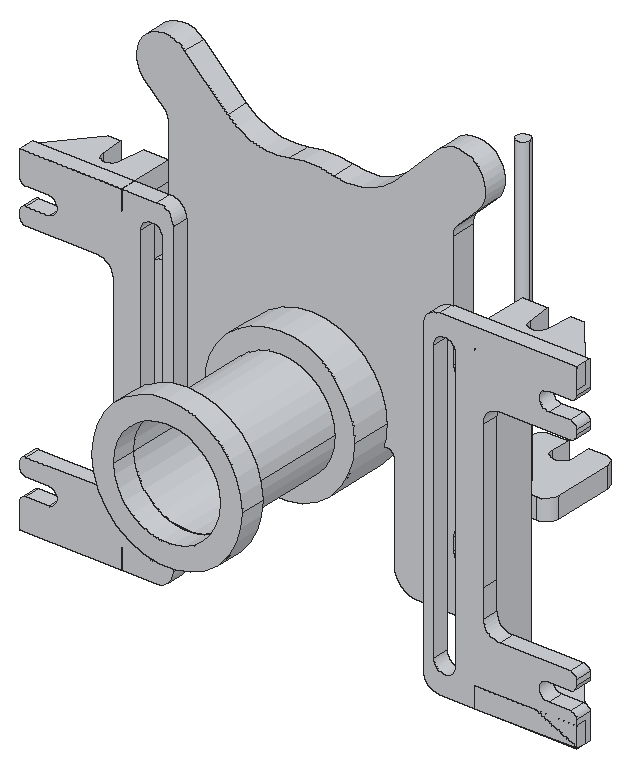
Revit family "Zurn Carrier - Z1201-NL3", category Plumbing Fixtures, host Face, Revit 2017
Family settings
  Host = Face
  Round Connector Dimension = Use Diameter
  Part Type = Normal
  Cut with Voids When Loaded = No
  Shared = No
  Room Calculation Point = No
Parameters
  Default Elevation = 4' - 0"
  A [instance] = 0' - 4"
Reference planes (in)
  plane 1 "Center (Front/Back)": y = 0
  plane 2: z = 0
  plane 3 "Center (Left/Right)": x = 0
  plane 4: through (-2.47322, -180, 4.24948) normal (0.0159, 0, 0.9999)
  plane 5: through (-2.47993, -180, 0.24908) normal (0.0159, 0, 0.9999)
Dimensions and locks (in)
  "A": plane 4 to plane 5
  "A": import instance to plane 5
  aligned and locked: plane 2 to host face
  aligned and locked: level to host face
Automatic sketch dimensions
  host sketch curve to host sketch curve = 8' - 0"  (x2)
Nested families (in)
  nested 1: "Inlet" at (0, 0, 0), type "Inlet"
  nested 2: "Legs" at (0, 0, 0), type "Legs"
Connectors (in)
  piping at (-2.47322, 4.875, 4.24948), diameter 3
    settings: on import instance, index 1, connector inside diameter 24", connector length 0' - 0", flow factor 0, pipe flow 0 GPM, pressure drop 0.00 psi, fitting loss kfactor 0, connector angle 0.00°, fixture units 0, engagement length 0' - 0", angle of deflection 0.00°, flow configuration 0, flow direction 1, fitting loss method 0, system type 16, joint type 0, gender type 0, connector reference index -1, connector utility 0, adjustable connector no, is connector primary yes, connector description ""
  piping at (8.99259, 4.875, 4.06749), diameter 3
    settings: on import instance, index 2, connector inside diameter 24", connector length 0' - 0", flow factor 0, pipe flow 0 GPM, pressure drop 0.00 psi, fitting loss kfactor 0, connector angle 0.00°, fixture units 0, engagement length 0' - 0", angle of deflection 0.00°, flow configuration 0, flow direction 2, fitting loss method 0, system type 16, joint type 0, gender type 0, connector reference index -1, connector utility 0, adjustable connector no, is connector primary no, connector description ""
  piping at (2.38171, 4.875, 8.67242), diameter 2
    settings: on import instance, index 3, connector inside diameter 24", connector length 0' - 0", flow factor 0, pipe flow 0 GPM, pressure drop 0.00 psi, fitting loss kfactor 0, connector angle 0.00°, fixture units 0, engagement length 0' - 0", angle of deflection 0.00°, flow configuration 0, flow direction 2, fitting loss method 0, system type 17, joint type 0, gender type 0, connector reference index -1, connector utility 0, adjustable connector no, is connector primary no, connector description ""
Definition of nested family "Inlet"
  Parameters (values of type "Inlet")
    Default Elevation = 4' - 0"
  Reference planes (in)
    plane 1 "Center (Front/Back)": y = 0
    plane 2: z = 0
    plane 3 "Center (Left/Right)": x = 0
  Forms (in)
    Extrusion 1, solid
      sketch origin (0, 0, 0) x (1, 0, 0) y (0, 1, 0)
        loop
          line (-48, 48) -> (-48, -48) -> (48, -48) -> (48, 48) -> (-48, 48)
      from 0 to -12
    Extrusion 2, solid
      sketch origin (0, 0, 0) x (1, 0, 0) y (0, 0, 1)
        loop
          line (-2.58153, 13.31897) -> (-3.88128, 14.61872)
          arc (-3.88128, 14.61872) -> (-5.11872, 14.61872) -> (-5.11872, 13.38128) r 0.875
          line (-5.11872, 13.38128) -> (-4.52145, 12.78401)
          arc (-4.52145, 12.78401) -> (-4.41306, 12.6218) -> (-4.375, 12.43046) r 0.5
          line (-4.375, 12.43046) -> (-4.375, 8.86603)
          arc (-4.375, 8.86603) -> (-4.43604, 8.70271) -> (-4.58924, 8.61947) r 0.24899
          arc (-4.58924, 8.61947) -> (-4.98827, 8.39216) -> (-5.12286, 7.95309) r 0.62251
          arc (-5.12286, 7.95309) -> (-5.15122, 7.81669) -> (-5.24877, 7.71723) r 0.24745
          arc (-5.24877, 7.71723) -> (-5.34115, 7.62562) -> (-5.375, 7.5) r 0.25003
          line (-5.375, 7.5) -> (-5.375, 5.5)
          arc (-5.375, 5.5) -> (-5.34115, 5.37438) -> (-5.24877, 5.28277) r 0.25003
          arc (-5.24877, 5.28277) -> (-5.15122, 5.18331) -> (-5.12286, 5.04691) r 0.24745
          arc (-5.12286, 5.04691) -> (-4.98827, 4.60784) -> (-4.58924, 4.38053) r 0.62251
          arc (-4.58924, 4.38053) -> (-4.43604, 4.29729) -> (-4.375, 4.13397) r 0.24899
          line (-4.375, 4.13397) -> (-4.375, 3.73744)
          arc (-4.375, 3.73744) -> (-4.39403, 3.64177) -> (-4.44822, 3.56066) r 0.25
          line (-4.44822, 3.56066) -> (-4.94194, 3.06694)
          arc (-4.94194, 3.06694) -> (-5.07742, 2.38582) -> (-4.5, 2) r 0.625
          line (-4.5, 2) -> (-3.25, 2)
          arc (-3.25, 2) -> (-2.76386, 2.20136) -> (-2.5625, 2.6875) r 0.6875
          line (-2.5625, 2.6875) -> (-2.5625, 5.63621)
          arc (-2.5625, 5.63621) -> (-2.37789, 5.87679) -> (-2.09772, 5.76074) r 0.24907
          arc (-2.09772, 5.76074) -> (0, 4.27489) -> (2.09772, 5.76074) r 2.2237
          arc (2.09772, 5.76074) -> (2.37789, 5.87679) -> (2.5625, 5.63621) r 0.24907
          line (2.5625, 5.63621) -> (2.5625, 2.6875)
          arc (2.5625, 2.6875) -> (2.76386, 2.20136) -> (3.25, 2) r 0.6875
          line (3.25, 2) -> (4.5, 2)
          arc (4.5, 2) -> (5.07742, 2.38582) -> (4.94194, 3.06694) r 0.625
          line (4.94194, 3.06694) -> (4.44822, 3.56066)
          arc (4.44822, 3.56066) -> (4.39403, 3.64177) -> (4.375, 3.73744) r 0.25
          line (4.375, 3.73744) -> (4.375, 4.13397)
          arc (4.375, 4.13397) -> (4.43604, 4.29729) -> (4.58924, 4.38053) r 0.24899
          arc (4.58924, 4.38053) -> (4.98827, 4.60784) -> (5.12286, 5.04691) r 0.62251
          arc (5.12286, 5.04691) -> (5.15122, 5.18331) -> (5.24877, 5.28277) r 0.24745
          arc (5.24877, 5.28277) -> (5.34115, 5.37438) -> (5.375, 5.5) r 0.25003
          line (5.375, 5.5) -> (5.375, 7.5)
          arc (5.375, 7.5) -> (5.34115, 7.62562) -> (5.24877, 7.71723) r 0.25003
          arc (5.24877, 7.71723) -> (5.15122, 7.81669) -> (5.12286, 7.95309) r 0.24745
          arc (5.12286, 7.95309) -> (4.98827, 8.39216) -> (4.58924, 8.61947) r 0.62251
          arc (4.58924, 8.61947) -> (4.43604, 8.70271) -> (4.375, 8.86603) r 0.24899
          line (4.375, 8.86603) -> (4.375, 12.43046)
          arc (4.375, 12.43046) -> (4.41306, 12.6218) -> (4.52145, 12.78401) r 0.5
          line (4.52145, 12.78401) -> (5.11872, 13.38128)
          arc (5.11872, 13.38128) -> (5.11872, 14.61872) -> (3.88128, 14.61872) r 0.875
          line (3.88128, 14.61872) -> (2.58153, 13.31897)
          arc (2.58153, 13.31897) -> (1.70465, 12.80693) -> (0.68932, 12.79193) r 1.99841
          arc (0.68932, 12.79193) -> (0, 12.87579) -> (-0.68932, 12.79193) r 2.87515
          arc (-0.68932, 12.79193) -> (-1.70465, 12.80693) -> (-2.58153, 13.31897) r 1.99841
      from 0.17185 to 0.8906
    Extrusion 3, solid
      sketch origin (0, 0, 0) x (1, 0, 0) y (0, 0, 1)
        loop
          circle (0, 6.5) r 2.31198
      from 5.66374 to 6.42185
    Extrusion 4, solid
      sketch origin (0, 0, 0) x (1, 0, 0) y (0, 0, 1)
        loop
          circle (0, 6.5) r 2.31198
      from 0.17185 to 2.1093
    Extrusion 5, solid
      sketch origin (0, 0, 0) x (1, 0, 0) y (0, 0, 1)
        loop
          circle (0, 6.49859) r 1.68737
      from 2.1093 to 5.66374
    Extrusion 6, void
      sketch origin (0, 0, 0) x (1, 0, 0) y (0, 0, 1)
        loop
          circle (0, 6.49859) r 1.64022
      from 0.17185 to 6.42185
    Extrusion 7, void
      sketch origin (0, 9.7656, 0) x (1, 0, 0) y (0, 0, -1)
        loop
          circle (0, -6.49859) r 1.64022
      from -16.18745 to -9.95305
  Cuts and joins
    Extrusion 6 cuts Extrusion 2
    Extrusion 6 cuts Extrusion 3
    Extrusion 6 cuts Extrusion 4
    Extrusion 6 cuts Extrusion 5
  Dimensions and locks (in)
    aligned and locked: plane 2 to Extrusion 1
    aligned and locked: level to Extrusion 1
Definition of nested family "Legs"
  Parameters (values of type "Legs")
    Default Elevation = 4' - 0"
  Reference planes (in)
    plane 1 "Center (Front/Back)": y = 0
    plane 2: z = 0
    plane 3 "Center (Left/Right)": x = 0
  Forms (in)
    Extrusion 1, solid
      sketch origin (0, 0, 0) x (1, 0, 0) y (0, 1, 0)
        loop
          line (-48, 48) -> (-48, -48) -> (48, -48) -> (48, 48) -> (-48, 48)
      from 0 to -12
    Extrusion 2, solid
      sketch origin (0, 9.7656, 0) x (1, 0, 0) y (0, 1, 0)
        loop
          line (-8.5625, -10.8437) -> (-8.5625, -11.1562) -> (-5.4375, -11.1562) -> (-5.4375, -10.6562) -> (-5.4375, -9.3437) -> (-6.20315, -9.3437) -> (-6.28271, -10.12229)
          arc (-6.28271, -10.12229) -> (-6.5625, -10.40208) -> (-6.84229, -10.12229) r 0.27979
          line (-6.84229, -10.12229) -> (-6.92185, -9.3437) -> (-7.3125, -9.3437) -> (-8.5625, -10.8437)
      from 0 to 0.625
    Extrusion 3, solid
      sketch origin (0, -1.1406, 0) x (-1, 0, 0) y (0, 0, -1)
        loop
          arc (4.15625, -9.5625) -> (4.5, -9.90625) -> (4.84375, -9.5625) r 0.34375
          line (4.84375, -9.5625) -> (4.84375, -0.9375)
          arc (4.84375, -0.9375) -> (4.5, -0.59375) -> (4.15625, -0.9375) r 0.34375
          line (4.15625, -0.9375) -> (4.15625, -9.5625)
        loop
          arc (3.84375, -10) -> (3.9902, -10.35355) -> (4.34375, -10.5) r 0.5
          line (4.34375, -10.5) -> (8.5625, -10.5) -> (8.5625, -9.71875)
          arc (8.5625, -9.71875) -> (8.50758, -9.58617) -> (8.375, -9.53125) r 0.1875
          line (8.375, -9.53125) -> (7.6875, -9.53125)
          arc (7.6875, -9.53125) -> (7.40625, -9.25) -> (7.6875, -8.96875) r 0.28125
          line (7.6875, -8.96875) -> (8.375, -8.96875)
          arc (8.375, -8.96875) -> (8.50758, -8.91383) -> (8.5625, -8.78125) r 0.1875
          line (8.5625, -8.78125) -> (8.5625, -8.625)
          arc (8.5625, -8.625) -> (8.50758, -8.49242) -> (8.375, -8.4375) r 0.1875
          line (8.375, -8.4375) -> (6.1875, -8.4375)
          arc (6.1875, -8.4375) -> (5.83395, -8.29105) -> (5.6875, -7.9375) r 0.5
          line (5.6875, -7.9375) -> (5.6875, -3.41783) -> (5.6875, -2.5625)
          arc (5.6875, -2.5625) -> (5.83395, -2.20895) -> (6.1875, -2.0625) r 0.5
          line (6.1875, -2.0625) -> (8.375, -2.0625)
          arc (8.375, -2.0625) -> (8.50758, -2.00758) -> (8.5625, -1.875) r 0.1875
          line (8.5625, -1.875) -> (8.5625, -1.71875)
          arc (8.5625, -1.71875) -> (8.50758, -1.58617) -> (8.375, -1.53125) r 0.1875
          line (8.375, -1.53125) -> (7.6875, -1.53125)
          arc (7.6875, -1.53125) -> (7.40625, -1.25) -> (7.6875, -0.96875) r 0.28125
          line (7.6875, -0.96875) -> (8.375, -0.96875)
          arc (8.375, -0.96875) -> (8.50758, -0.91383) -> (8.5625, -0.78125) r 0.1875
          line (8.5625, -0.78125) -> (8.5625, 0) -> (4.34375, 0)
          arc (4.34375, 0) -> (3.9902, -0.14645) -> (3.84375, -0.5) r 0.5
          line (3.84375, -0.5) -> (3.84375, -10)
      from -0.25 to 0.25
    Extrusion 4, solid
      sketch origin (0, 9.7656, 9.875) x (0, -1, 0) y (1, 0, 0)
        loop
          line (10.8437, -8.5625) -> (11.1562, -8.5625) -> (11.1562, -5.4375) -> (10.6562, -5.4375) -> (9.3437, -5.4375) -> (9.3437, -6.20315) -> (10.12229, -6.28271)
          arc (10.12229, -6.28271) -> (10.40208, -6.5625) -> (10.12229, -6.84229) r 0.27979
          line (10.12229, -6.84229) -> (9.3437, -6.92185) -> (9.3437, -7.3125) -> (10.8437, -8.5625)
      from 0 to 0.625
    Extrusion 5, solid
      sketch origin (0, 9.7656, 0) x (1, 0, 0) y (0, 0, -1)
        loop
          line (-5.4375, -9.875) -> (-5.4375, -0.625) -> (-5.6875, -0.625) -> (-5.6875, -9.875) -> (-5.4375, -9.875)
      from -10.6562 to -9.3437
    Extrusion 6, solid
      sketch origin (0, 9.7656, 0) x (-1, 0, 0) y (0, -1, 0)
        loop
          line (-8.5625, 10.8437) -> (-7.3125, 9.3437) -> (-6.92185, 9.3437) -> (-6.84229, 10.12229)
          arc (-6.84229, 10.12229) -> (-6.5625, 10.40208) -> (-6.28271, 10.12229) r 0.27979
          line (-6.28271, 10.12229) -> (-6.20315, 9.3437) -> (-5.4375, 9.3437) -> (-5.4375, 10.6562) -> (-5.4375, 11.1562) -> (-8.5625, 11.1562) -> (-8.5625, 10.8437)
      from 0 to 0.625
    Extrusion 7, solid
      sketch origin (0, -1.1406, 0) x (1, 0, 0) y (0, 0, 1)
        loop
          line (4.15625, 9.5625) -> (4.15625, 0.9375)
          arc (4.15625, 0.9375) -> (4.5, 0.59375) -> (4.84375, 0.9375) r 0.34375
          line (4.84375, 0.9375) -> (4.84375, 9.5625)
          arc (4.84375, 9.5625) -> (4.5, 9.90625) -> (4.15625, 9.5625) r 0.34375
        loop
          line (3.84375, 10) -> (3.84375, 0.5)
          arc (3.84375, 0.5) -> (3.9902, 0.14645) -> (4.34375, 0) r 0.5
          line (4.34375, 0) -> (8.5625, 0) -> (8.5625, 0.78125)
          arc (8.5625, 0.78125) -> (8.50758, 0.91383) -> (8.375, 0.96875) r 0.1875
          line (8.375, 0.96875) -> (7.6875, 0.96875)
          arc (7.6875, 0.96875) -> (7.40625, 1.25) -> (7.6875, 1.53125) r 0.28125
          line (7.6875, 1.53125) -> (8.375, 1.53125)
          arc (8.375, 1.53125) -> (8.50758, 1.58617) -> (8.5625, 1.71875) r 0.1875
          line (8.5625, 1.71875) -> (8.5625, 1.875)
          arc (8.5625, 1.875) -> (8.50758, 2.00758) -> (8.375, 2.0625) r 0.1875
          line (8.375, 2.0625) -> (6.1875, 2.0625)
          arc (6.1875, 2.0625) -> (5.83395, 2.20895) -> (5.6875, 2.5625) r 0.5
          line (5.6875, 2.5625) -> (5.6875, 3.41783) -> (5.6875, 7.9375)
          arc (5.6875, 7.9375) -> (5.83395, 8.29105) -> (6.1875, 8.4375) r 0.5
          line (6.1875, 8.4375) -> (8.375, 8.4375)
          arc (8.375, 8.4375) -> (8.50758, 8.49242) -> (8.5625, 8.625) r 0.1875
          line (8.5625, 8.625) -> (8.5625, 8.78125)
          arc (8.5625, 8.78125) -> (8.50758, 8.91383) -> (8.375, 8.96875) r 0.1875
          line (8.375, 8.96875) -> (7.6875, 8.96875)
          arc (7.6875, 8.96875) -> (7.40625, 9.25) -> (7.6875, 9.53125) r 0.28125
          line (7.6875, 9.53125) -> (8.375, 9.53125)
          arc (8.375, 9.53125) -> (8.50758, 9.58617) -> (8.5625, 9.71875) r 0.1875
          line (8.5625, 9.71875) -> (8.5625, 10.5) -> (4.34375, 10.5)
          arc (4.34375, 10.5) -> (3.9902, 10.35355) -> (3.84375, 10) r 0.5
      from -0.25 to 0.25
    Extrusion 8, solid
      sketch origin (0, 9.7656, 9.875) x (0, 1, 0) y (-1, 0, 0)
        loop
          line (-10.8437, -8.5625) -> (-9.3437, -7.3125) -> (-9.3437, -6.92185) -> (-10.12229, -6.84229)
          arc (-10.12229, -6.84229) -> (-10.40208, -6.5625) -> (-10.12229, -6.28271) r 0.27979
          line (-10.12229, -6.28271) -> (-9.3437, -6.20315) -> (-9.3437, -5.4375) -> (-10.6562, -5.4375) -> (-11.1562, -5.4375) -> (-11.1562, -8.5625) -> (-10.8437, -8.5625)
      from 0 to 0.625
    Extrusion 9, solid
      sketch origin (0, 9.7656, 0) x (-1, 0, 0) y (0, 0, 1)
        loop
          line (-5.4375, 9.875) -> (-5.6875, 9.875) -> (-5.6875, 0.625) -> (-5.4375, 0.625) -> (-5.4375, 9.875)
      from -10.6562 to -9.3437
    Extrusion 10, solid
      sketch origin (0, 0, 0) x (1, 0, 0) y (0, 1, 0)
        loop
          arc (-1.18637, 7.1259) -> (-1.0766, 6.8609) -> (-0.8116, 6.75113) r 0.37477
          line (-0.8116, 6.75113) -> (0.8116, 6.75113)
          arc (0.8116, 6.75113) -> (1.0766, 6.8609) -> (1.18637, 7.1259) r 0.37477
          line (1.18637, 7.1259) -> (1.18637, 8.9991)
          arc (1.18637, 8.9991) -> (1.0766, 9.2641) -> (0.8116, 9.37387) r 0.37477
          line (0.8116, 9.37387) -> (0.31392, 9.37387) -> (0.31392, 8.75)
          arc (0.31392, 8.75) -> (0, 8.43608) -> (-0.31392, 8.75) r 0.31392
          line (-0.31392, 8.75) -> (-0.31392, 9.37387) -> (-0.8116, 9.37387)
          arc (-0.8116, 9.37387) -> (-1.0766, 9.2641) -> (-1.18637, 8.9991) r 0.37477
          line (-1.18637, 8.9991) -> (-1.18637, 7.1259)
      from 0 to 0.625
    Extrusion 11, solid
      sketch origin (0, 0, 0) x (1, 0, 0) y (0, 1, 0)
        loop
          circle (0, 7.24219) r 0.20957
      from 0 to 10
  Dimensions and locks (in)
    aligned and locked: plane 2 to Extrusion 1
    aligned and locked: level to Extrusion 1
